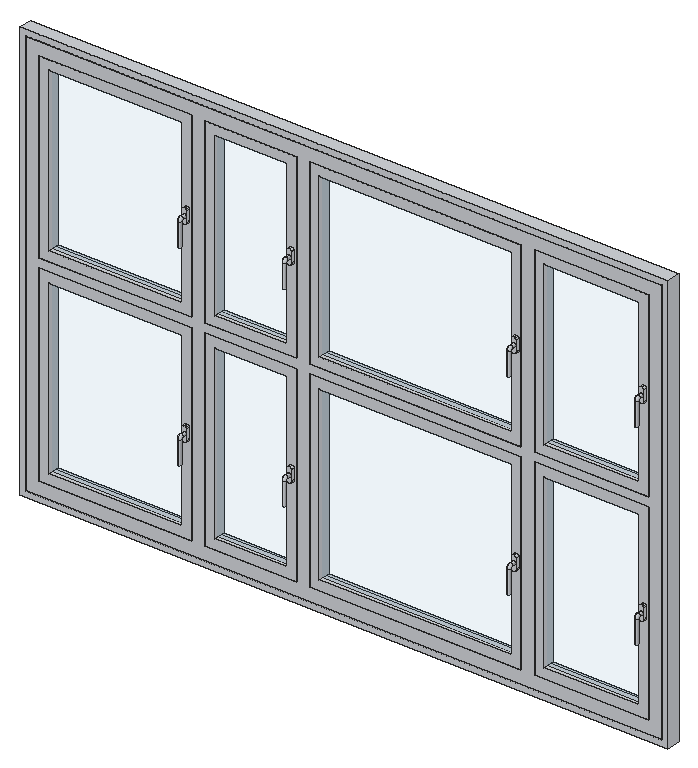
Revit family "AVLN_Окно_Фрамуга_4 створки", category Окна, Revit 2021
Family settings
  Основа = Стена
  Номер OmniClass = 23.30.20.00
  Заголовок OmniClass = Windows
  Всегда вертикально = Да
  При загрузке вырезать с полостями = Нет
  Общий = Нет
  Точка принадлежности помещению = Нет
Parameters (values of type "Для копирования!")
  Ширина рамы = 70 mm
  Ширина импоста = 50 mm
  Четверть слева/справа = 50 mm
  Четверть низ = 0 mm  # constant formula
  Четверть верх = 50 mm
  Фрамуга_снизу_высота = 1000 mm
  Низ право центр открывание = АВЛН_Створка открывная : Створка повороно-откидная левая
  Низ право открывание = АВЛН_Створка открывная : Створка повороно-откидная левая
  Низ лево центр открывание = АВЛН_Створка открывная : Створка повороно-откидная левая
  Низ лево открывание = АВЛН_Створка открывная : Створка повороно-откидная левая
  Створка_толщина = 25 mm  # constant formula
  Толщина основы [instance] = 200 mm
  Створка_право центр_ширина = Width - ((Монтажный зазор * 2) + (Ширина рамы * 5) + Створка_слева_ширина + Створка_справа_ширина + Створка_лево центр_ширина)  # 1110 mm
  Створка_справа_ширина = 600 mm
  Створка_слева_ширина = 800 mm
  Створка_профиль = 50 mm
  Створка_лево центр_ширина = 480 mm
  Створка_высота = Height - (Фрамуга_снизу_высота + (Ширина рамы * 2) + Ширина импоста + (Монтажный зазор * 2))  # 950 mm
  Верх право открывание = АВЛН_Створка открывная : Створка повороно-откидная левая
  Верх лево центр открывание = АВЛН_Створка открывная : Створка повороно-откидная левая
  Верх лево открывание = АВЛН_Створка открывная : Створка повороно-откидная левая
  Верх право центр открывание = АВЛН_Створка открывная : Створка повороно-откидная левая
  Rough Width = Width - Монтажный зазор * 2  # 3340 mm
  Rough Height = Height - Монтажный зазор * 2  # 2140 mm
  Подстановочный профиль_Ширина = 20 mm  # constant formula
  Подстановочный профиль_Толщина = 60 mm
  Подоконник_Толщина = 20 mm
  Подоконник_Длина = Width  # 3400 mm
  Подоконник_Глубина = 280 mm
  Подоконник = no
  Глубина вставки = 0 mm
  Отлив_Толщина = 1 mm  # constant formula
  Отлив_Длина = Width - [Четверть слева/справа] * 2  # 3300 mm
  Отлив_Глубина = 280 mm
  Отлив = no
  Откос_Н.Ширина = Width - 2 * [Четверть слева/справа]  # 3300 mm
  Откос_Н.Толщина.8 = 32 mm
  Откос_Н.Толщина.7 = 28 mm
  Откос_Н.Толщина.6 = 24 mm
  Откос_Н.Толщина.5 = 20 mm
  Откос_Н.Толщина.4 = 16 mm
  Откос_Н.Толщина.3 = 12 mm
  Откос_Н.Толщина.2 = 8 mm
  Откос_Н.Толщина.1 = 4 mm
  Откос_Н.Отступ_П = 0 mm  # constant formula
  Откос_Н.Отступ_Л = 0 mm  # constant formula
  Откос_Н.Количество слоев = 0
  Откос_Н.Глубина = 150 mm
  Откос_Н.Высота = Height - Четверть верх - Четверть низ  # 2150 mm
  Откос_В.Толщина.8 = 32 mm
  Откос_В.Толщина.7 = 28 mm
  Откос_В.Толщина.6 = 24 mm
  Откос_В.Толщина.5 = 20 mm
  Откос_В.Толщина.4 = 16 mm
  Откос_В.Толщина.3 = 12 mm
  Откос_В.Толщина.2 = 8 mm
  Откос_В.Толщина.1 = 4 mm
  Откос_В.Отступ_П [instance] = Монтажный зазор + Подоконник_Толщина  # 50 mm
  Откос_В.Отступ_Л [instance] = Монтажный зазор + Подоконник_Толщина  # 50 mm
  Откос_В.Количество слоев = 0
  Откос_В.Глубина [instance] = Толщина основы - Глубина вставки - Ширина рамы  # 130 mm
  Монтажный зазор = 30 mm
  М.Подоконник = none
  М.Отлив = none
  М.Откос_Н.8 = none
  М.Откос_Н.7 = none
  М.Откос_Н.6 = none
  М.Откос_Н.5 = none
  М.Откос_Н.4 = none
  М.Откос_Н.3 = none
  М.Откос_Н.2 = none
  М.Откос_Н.1 = none
  М.Откос_В.8 = none
  М.Откос_В.7 = none
  М.Откос_В.6 = none
  М.Откос_В.5 = none
  М.Откос_В.4 = none
  М.Откос_В.3 = none
  М.Откос_В.2 = none
  М.Откос_В.1 = none
  М.Монтажного зазора = none
  М.Стекла = Стекло
  М.Рамы = none
  М.Подоконный профиль = none
  Type Comments = ""
  Height = 2200 mm
  Высота подоконника по умолчанию = 800 mm
  Замыкание стены = По основе
  Width = 3400 mm
  Аналитическая конструкция = "<Нет>"
  АВЛН_Проем_Ширина [instance] = Width  # 3400 mm
  АВЛН_Проем_Высота [instance] = Height  # 2200 mm
  ADSK_Этаж [instance] = ""
  ADSK_Размер_Ширина = Width  # 3400 mm
  ADSK_Размер_Высота = Height  # 2200 mm
  ADSK_Примечание [instance] = ""
  ADSK_Площадь = Height * Width  # 7.48 m²
  ADSK_Обозначение = ""
  ADSK_Номер секции [instance] = ""
  ADSK_Наименование = ""
  ADSK_Марка = ""
  ADSK_Группирование = ""
  -----------Разрезка----------- = "-----------"  # constant formula
  -----------Профили----------- = "-----------"  # constant formula
  -----------Подоконник----------- = "-----------"  # constant formula
  -----------Отлив----------- = "-----------"  # constant formula
  -----------Откос----------- = "-----------"  # constant formula
  -----------Основные габариты----------- = "-----------"  # constant formula
  -----------Вставка----------- = "-----------"  # constant formula
Reference planes
  plane 1 "По центру (Вперед/Назад)": y = 0
  plane 2 "По центру (Влево/Вправо)": x = 0
  plane 3 "Слева": x = -1700
  plane 4 "Справа": x = 1700
  plane 5 "Подоконник": z = 800
  plane 6 "Заголовок": z = 3000
  plane 7 "Наружный": y = 100
  plane 8 "Внутренние": y = -100
  plane 9 "Окно": y = 100
  plane 10: x = 1670
  plane 11: z = 2970
  plane 12: x = -1670
  plane 13: z = 830
  plane 14: x = 1650
  plane 15: x = -1650
  plane 16: z = 1900
  plane 17: y = 600
  plane 18: y = -400
  plane 19: z = 2950
  plane 20 "Чет. низ": z = 800
  plane 21 "Внутренняя грань": y = 30
  plane 22: y = 80
  plane 23 "Импост верх": z = 1950
  plane 24 "Импост низ": z = 1900
  plane 25: z = 900
  plane 26: z = 2900
  plane 27: x = -1600
  plane 28: x = 1600
  plane 29 "4": z = 1925
  plane 30 "5": x = -800
  plane 31 "6": x = -730
  plane 32 "7": x = 930
  plane 33 "8": x = 1000
  plane 34 "9": x = -215
  plane 35 "10": x = 1300
  plane 36 "11": x = -1200
  plane 37 "12": z = 2425
  plane 38 "13": x = -490
  plane 39 "14": x = 375
  plane 40 "15": x = -250
  plane 41 "16": x = -180
  plane 42: z = 1400
Forms (mm)
  Extrusion 1, void
    sketch origin (0, 100, 0) x (1, 0, 0) y (0, 0, 1)
      loop
        line (1650, 2950) -> (-1650, 2950) -> (-1650, 800) -> (1650, 800) -> (1650, 2950)
    from -500 to 20
  Extrusion 2, void
    sketch origin (0, 100, 0) x (1, 0, 0) y (0, 0, 1)
      loop
        line (1700, 3000) -> (-1700, 3000) -> (-1700, 800) -> (1700, 800) -> (1700, 3000)
    from 0 to 500
  Extrusion 3, solid, material <- "М.Монтажного зазора", detail levels medium+fine
    sketch origin (0, 100, 0) x (1, 0, 0) y (0, 0, 1)
      loop
        line (1700, 3000) -> (-1700, 3000) -> (-1700, 800) -> (1700, 800) -> (1700, 3000)
      loop
        line (-1670, 2970) -> (-1670, 830) -> (1670, 830) -> (1670, 2970) -> (-1670, 2970)
    from 0 to 70
  Extrusion 4, solid, material <- "М.Рамы", detail levels medium+fine
    sketch origin (0, 100, 0) x (-1, 0, 0) y (0, 0, 1)
      loop
        line (-1670, 2970) -> (-1670, 830) -> (1670, 830) -> (1670, 2970) -> (-1670, 2970)
      loop
        line (730, 900) -> (730, 1900) -> (250, 1900) -> (250, 900) -> (730, 900)
      loop
        line (-930, 900) -> (180, 900) -> (180, 1900) -> (-930, 1900) -> (-930, 900)
      loop
        line (-1000, 2900) -> (-1600, 2900) -> (-1600, 1950) -> (-1000, 1950) -> (-1000, 2900)
      loop
        line (-1000, 900) -> (-1000, 1900) -> (-1600, 1900) -> (-1600, 900) -> (-1000, 900)
      loop
        line (730, 1950) -> (730, 2900) -> (250, 2900) -> (250, 1950) -> (730, 1950)
      loop
        line (-930, 1950) -> (180, 1950) -> (180, 2900) -> (-930, 2900) -> (-930, 1950)
      loop
        line (800, 2900) -> (800, 1950) -> (1600, 1950) -> (1600, 2900) -> (800, 2900)
      loop
        line (800, 1900) -> (800, 900) -> (1600, 900) -> (1600, 1900) -> (800, 1900)
    from -70 to 0
Lines and regions (mm)
  reference lines
    curve 1: line (-1700, -100, 1925) -> (1700, -100, 1925)
    curve 2: line (-765, -100, 3000) -> (-765, -100, 800)
    curve 3: line (965, -100, 3000) -> (965, -100, 800)
    curve 4: line (-215, -100, 3000) -> (-215, -100, 800)
Text (mm)
  text "EXTERIOR" at (-1963.203, 1332.353, 0), in view "Опорный уровень"
  text "INTERIOR" at (-1981.466, -818.386, 0), in view "Опорный уровень"
  text "Наружный" at (0, 923.751, 2943.296), in view "Справа"
  text "Наружный" at (0, 1240.237, 2685.409), in view "Слева"
Dimensions and locks
  equal spacing: plane 3 "Слева", plane 2 "По центру (Влево/Вправо)", plane 4 "Справа"
  "Width": plane 3 "Слева" to plane 4 "Справа"
  "Height": plane 5 "Подоконник" to plane 6 "Заголовок"
  "Высота подоконника по умолчанию": plane 5 "Подоконник" to level
  locked: plane 7 "Наружный" to host wall at 0
  locked: plane 8 "Внутренние" to host wall
  "Глубина вставки": plane 9 "Окно" to plane 7 "Наружный"
  "Монтажный зазор": plane 10 to plane 4 "Справа"
  "Монтажный зазор": plane 3 "Слева" to plane 12
  "Монтажный зазор": plane 11 to plane 6 "Заголовок"
  "Монтажный зазор": plane 5 "Подоконник" to plane 13
  "Четверть слева/справа": plane 14 to plane 4 "Справа"
  "Четверть слева/справа": plane 3 "Слева" to plane 15
  equal spacing: plane 5 "Подоконник", plane 16, plane 6 "Заголовок"
  locked: plane 7 "Наружный" to plane 17 at 500
  locked: plane 18 to plane 8 "Внутренние" at 300
  "Четверть верх": plane 19 to plane 6 "Заголовок"
  "Четверть низ": plane 5 "Подоконник" to plane 20 "Чет. низ"
  "Ширина рамы": plane 9 "Окно" to plane 21 "Внутренняя грань"
  "Толщина основы": host wall to host wall
  locked: plane 22 to plane 21 "Внутренняя грань" at 50
  "Ширина импоста": plane 24 "Импост низ" to plane 23 "Импост верх"
  "Ширина рамы": plane 28 to plane 10
  "Ширина рамы": plane 12 to plane 27
  "Ширина рамы": plane 13 to plane 25
  "Ширина рамы": plane 26 to plane 11
  plane 23 "Импост верх" to plane 26 = 950 mm
  "Фрамуга_снизу_высота": plane 25 to plane 24 "Импост низ"
  equal spacing: plane 23 "Импост верх", plane 29 "4", plane 24 "Импост низ"
  "Створка_слева_ширина": plane 27 to plane 30 "5"
  "Ширина рамы": plane 30 "5" to plane 31 "6"
  "Ширина рамы": plane 32 "7" to plane 33 "8"
  "Створка_справа_ширина": plane 33 "8" to plane 28
  equal spacing: plane 32 "7", curve 3, plane 33 "8"
  equal spacing: plane 30 "5", curve 2, plane 31 "6"
  equal spacing: plane 33 "8", plane 35 "10", plane 28
  equal spacing: plane 27, plane 36 "11", plane 30 "5"
  equal spacing: plane 26, plane 37 "12", plane 23 "Импост верх"
  equal spacing: plane 40 "15", plane 34 "9", plane 41 "16"
  "Ширина рамы": plane 40 "15" to plane 41 "16"
  equal spacing: plane 31 "6", plane 38 "13", plane 40 "15"
  equal spacing: plane 41 "16", plane 39 "14", plane 32 "7"
  "Створка_лево центр_ширина": plane 31 "6" to plane 40 "15"
  equal spacing: plane 24 "Импост низ", plane 42, plane 25
  aligned and locked: Extrusion 1 sketch curve to plane 14
  aligned and locked: Extrusion 1 sketch curve to plane 15
  aligned and locked: Extrusion 1 to plane 17
  aligned and locked: Extrusion 2 sketch curve to plane 6 "Заголовок"
  aligned and locked: Extrusion 2 sketch curve to plane 4 "Справа"
  aligned and locked: plane 5 "Подоконник" to Extrusion 2 sketch curve
  aligned and locked: plane 3 "Слева" to Extrusion 2 sketch curve
  aligned and locked: Extrusion 2 to plane 9 "Окно"
  aligned and locked: Extrusion 2 to plane 18
  aligned and locked: Extrusion 1 sketch curve to plane 19
  aligned and locked: Extrusion 1 sketch curve to plane 20 "Чет. низ"
  aligned and locked: plane 9 "Окно" to nested 1
  aligned and locked: plane 2 "По центру (Влево/Вправо)" to nested 1
  aligned and locked: nested 2 to plane 21 "Внутренняя грань"
  aligned and locked: nested 2 to plane 2 "По центру (Влево/Вправо)"
  aligned and locked: nested 3 to plane 2 "По центру (Влево/Вправо)"
  aligned and locked: plane 8 "Внутренние" to nested 3
  aligned and locked: nested 4 to plane 9 "Окно"
  aligned and locked: Extrusion 3 sketch curve to plane 6 "Заголовок"
  aligned and locked: Extrusion 3 sketch curve to plane 4 "Справа"
  aligned and locked: Extrusion 3 sketch curve to nested 2  (x2)
  aligned and locked: Extrusion 3 sketch curve to plane 11
  aligned and locked: Extrusion 3 sketch curve to plane 12
  aligned and locked: Extrusion 3 sketch curve to plane 13
  aligned and locked: Extrusion 3 sketch curve to plane 10
  aligned and locked: Extrusion 3 to nested 2
  aligned and locked: nested 4 to plane 20 "Чет. низ"
  aligned and locked: nested 4 to plane 2 "По центру (Влево/Вправо)"
  aligned and locked: Extrusion 3 to plane 9 "Окно"
  aligned and locked: Extrusion 4 to plane 21 "Внутренняя грань"
  aligned and locked: Extrusion 4 to plane 9 "Окно"
  aligned and locked: Extrusion 1 to plane 22
  aligned and locked: curve 1 to plane 29 "4"
  aligned and locked: plane 3 "Слева" to curve 1
  aligned and locked: plane 4 "Справа" to curve 1
  aligned and locked: plane 6 "Заголовок" to curve 2
  aligned and locked: plane 6 "Заголовок" to curve 3
  aligned and locked: plane 5 "Подоконник" to curve 3
  aligned and locked: plane 5 "Подоконник" to curve 2
  aligned and locked: plane 34 "9" to curve 4
  aligned and locked: plane 35 "10" to nested 6
  aligned and locked: nested 6 to plane 37 "12"
  aligned and locked: plane 39 "14" to nested 8
  aligned and locked: plane 37 "12" to nested 8
  aligned and locked: plane 37 "12" to nested 7
  aligned and locked: plane 37 "12" to nested 5
  aligned and locked: plane 36 "11" to nested 5
  aligned and locked: plane 38 "13" to nested 7
  aligned and locked: plane 42 to nested 9
  aligned and locked: plane 36 "11" to nested 9
  aligned and locked: plane 42 to nested 10
  aligned and locked: plane 38 "13" to nested 10
  aligned and locked: plane 42 to nested 11
  aligned and locked: plane 39 "14" to nested 11
  aligned and locked: nested 12 to plane 42
  aligned and locked: plane 35 "10" to nested 12
  aligned and locked: Extrusion 4 sketch curve to plane 10
  aligned and locked: Extrusion 4 sketch curve to plane 13
  aligned and locked: Extrusion 4 sketch curve to plane 12
  aligned and locked: Extrusion 4 sketch curve to plane 11
  aligned and locked: Extrusion 4 sketch curve to plane 25  (x2)
  aligned and locked: plane 25 to Extrusion 4 sketch curve  (x2)
  aligned and locked: plane 24 "Импост низ" to Extrusion 4 sketch curve  (x3)
  aligned and locked: plane 23 "Импост верх" to Extrusion 4 sketch curve  (x3)
  aligned and locked: plane 26 to Extrusion 4 sketch curve  (x3)
  aligned and locked: Extrusion 4 sketch curve to plane 26
  aligned and locked: Extrusion 4 sketch curve to plane 28  (x2)
  aligned and locked: plane 33 "8" to Extrusion 4 sketch curve  (x2)
  aligned and locked: plane 32 "7" to Extrusion 4 sketch curve  (x2)
  aligned and locked: Extrusion 4 sketch curve to plane 41 "16"
  aligned and locked: plane 41 "16" to Extrusion 4 sketch curve
  aligned and locked: Extrusion 4 sketch curve to plane 40 "15"  (x2)
  aligned and locked: plane 31 "6" to Extrusion 4 sketch curve  (x2)
  aligned and locked: plane 30 "5" to Extrusion 4 sketch curve  (x2)
  aligned and locked: Extrusion 4 sketch curve to plane 23 "Импост верх"
  aligned and locked: Extrusion 4 sketch curve to plane 24 "Импост низ"
  aligned and locked: Extrusion 4 sketch curve to plane 27  (x2)
  aligned and locked: plane 2 "По центру (Влево/Вправо)" to nested 13
  aligned and locked: nested 13 to plane 29 "4"
Automatic sketch dimensions
  curve 4 to plane 6 "Заголовок" = 0 mm
  curve 4 to plane 5 "Подоконник" = 0 mm
Nested families
  nested 1: "Отлив" at (0, 100, 800) x (-1, 0, 0) z (0, 0, 1), Глубина отлива <- "Отлив_Глубина", Длина отлива <- "Отлив_Длина", ТО <- "Отлив_Толщина", Ш_МЗЗ <- "Монтажный зазор", Ш_ПП <- "Подстановочный профиль_Ширина", ADSK_Группирование <- "ADSK_Группирование", ADSK_Номер секции <- "ADSK_Номер секции", ADSK_Этаж <- "ADSK_Этаж", visible <- "Отлив", М <- "М.Отлив", type "Отлив", detail levels fine
    with Ш_ПП 20 mm, Ш_МЗЗ 30 mm, ТО 1 mm, М none, Длина отлива 3300 mm, Глубина отлива 280 mm, ADSK_Этаж "", ADSK_Примечание "", ADSK_Обозначение "", ADSK_Номер секции "", ADSK_Наименование "", ADSK_Марка "", ADSK_Группирование ""
  nested 2: "Подоконник" at (0, 30, 800), Глубина подоконника <- "Подоконник_Глубина", Длина отлива <- "Подоконник_Длина", ТП <- "Подоконник_Толщина", Ш_МЗЗ <- "Монтажный зазор", Ш_ПП <- "Подстановочный профиль_Ширина", ADSK_Группирование <- "ADSK_Группирование", ADSK_Номер секции <- "ADSK_Номер секции", ADSK_Этаж <- "ADSK_Этаж", visible <- "Подоконник", М <- "М.Подоконник", type "Подоконник", detail levels fine
    with Ш_ПП 20 mm, Ш_МЗЗ 30 mm, ТП 20 mm, М none, Длина отлива 3400 mm, Глубина подоконника 280 mm, ADSK_Этаж "", ADSK_Примечание "", ADSK_Обозначение "", ADSK_Номер секции "", ADSK_Наименование "", ADSK_Марка "", ADSK_Группирование ""
  nested 3: "AVLN_Откосы_R19" at (0, -100, 0), Глубина <- "Откос_В.Глубина", Высота от уровня <- "Высота подоконника по умолчанию", ADSK_Группирование <- "Type Comments", ADSK_Этаж <- "ADSK_Этаж", ADSK_Номер секции <- "ADSK_Номер секции", Материал_1 <- "М.Откос_В.1", Материал_2 <- "М.Откос_В.2", Материал_3 <- "М.Откос_В.3", Материал_4 <- "М.Откос_В.4", Материал_5 <- "М.Откос_В.5", Материал_6 <- "М.Откос_В.6", Материал_7 <- "М.Откос_В.7", Материал_8 <- "М.Откос_В.8", Толщина_1 <- "Откос_В.Толщина.1", Толщина_2 <- "Откос_В.Толщина.2", Толщина_3 <- "Откос_В.Толщина.3", Толщина_4 <- "Откос_В.Толщина.4", Толщина_5 <- "Откос_В.Толщина.5", Толщина_6 <- "Откос_В.Толщина.6", Толщина_7 <- "Откос_В.Толщина.7", Толщина_8 <- "Откос_В.Толщина.8", Количество слоев <- "Откос_В.Количество слоев", Отступ_Л <- "Откос_В.Отступ_Л", Отступ_П <- "Откос_В.Отступ_П", Высота <- "Height", Ширина <- "Width", type "AVLN_Откосы_R19"
    with Ширина_8 3176 mm, Ширина_7 3232 mm, Ширина_6 3280 mm, Ширина_5 3320 mm, Ширина_4 3352 mm, Ширина_3 3376 mm, Ширина_2 3392 mm, Ширина 3400 mm, Толщина_8 32 mm, Толщина_7 28 mm, Толщина_6 24 mm, Толщина_5 20 mm, Толщина_4 16 mm, Толщина_3 12 mm, Толщина_2 8 mm, Толщина_1 4 mm, Отступ_П 50 mm, Отступ_Л 50 mm, Материал_8 none, Материал_7 none, Материал_6 none, Материал_5 none, Материал_4 none, Материал_3 none, Материал_2 none, Материал_1 none, Количество слоев 0, Глубина 130 mm, Высота_8 2088 mm, Высота_7 2116 mm, Высота_6 2140 mm, Высота_5 2160 mm, Высота_4 2176 mm, Высота_3 2188 mm, Высота_2 2196 mm, Высота от уровня 800 mm, Высота 2200 mm, Видимость_8 no, Видимость_7 no, Видимость_6 no, Видимость_5 no, Видимость_4 no, Видимость_3 no, Видимость_2 no, Видимость_1 no, ADSK_Этаж "", ADSK_Номер секции "", ADSK_Группирование ""
  nested 4: "AVLN_Откосы_R19" at (0, 100, 0), Ширина <- "Откос_Н.Ширина", Глубина <- "Откос_Н.Глубина", Высота <- "Откос_Н.Высота", Высота от уровня <- "Высота подоконника по умолчанию", ADSK_Группирование <- "Type Comments", ADSK_Этаж <- "ADSK_Этаж", ADSK_Номер секции <- "ADSK_Номер секции", Материал_1 <- "М.Откос_Н.1", Материал_2 <- "М.Откос_Н.2", Материал_3 <- "М.Откос_Н.3", Материал_4 <- "М.Откос_Н.4", Материал_5 <- "М.Откос_Н.5", Материал_6 <- "М.Откос_Н.6", Материал_7 <- "М.Откос_Н.7", Материал_8 <- "М.Откос_Н.8", Толщина_1 <- "Откос_Н.Толщина.1", Толщина_2 <- "Откос_Н.Толщина.2", Толщина_3 <- "Откос_Н.Толщина.3", Толщина_4 <- "Откос_Н.Толщина.4", Толщина_5 <- "Откос_Н.Толщина.5", Толщина_6 <- "Откос_Н.Толщина.6", Толщина_7 <- "Откос_Н.Толщина.7", Толщина_8 <- "Откос_Н.Толщина.8", Количество слоев <- "Откос_Н.Количество слоев", Отступ_Л <- "Откос_Н.Отступ_Л", Отступ_П <- "Откос_Н.Отступ_П", type "AVLN_Откосы_R19"
    with Ширина_8 3076 mm, Ширина_7 3132 mm, Ширина_6 3180 mm, Ширина_5 3220 mm, Ширина_4 3252 mm, Ширина_3 3276 mm, Ширина_2 3292 mm, Ширина 3300 mm, Толщина_8 32 mm, Толщина_7 28 mm, Толщина_6 24 mm, Толщина_5 20 mm, Толщина_4 16 mm, Толщина_3 12 mm, Толщина_2 8 mm, Толщина_1 4 mm, Отступ_П 0 mm, Отступ_Л 0 mm, Материал_8 none, Материал_7 none, Материал_6 none, Материал_5 none, Материал_4 none, Материал_3 none, Материал_2 none, Материал_1 none, Количество слоев 0, Глубина 150 mm, Высота_8 2038 mm, Высота_7 2066 mm, Высота_6 2090 mm, Высота_5 2110 mm, Высота_4 2126 mm, Высота_3 2138 mm, Высота_2 2146 mm, Высота от уровня 800 mm, Высота 2150 mm, Видимость_8 no, Видимость_7 no, Видимость_6 no, Видимость_5 no, Видимость_4 no, Видимость_3 no, Видимость_2 no, Видимость_1 no, ADSK_Этаж "", ADSK_Номер секции "", ADSK_Группирование ""
  nested 5: "АВЛН_Створка открывная" at (-1200, 30, 2425) x (1, 0, 0) z (0, 1, 0), type <- "Верх лево открывание", Створка высота <- "Створка_высота", Створка ширина <- "Створка_слева_ширина", Ширина рамы <- "Створка_профиль", Материал_Стеклопакет <- "М.Стекла", Материал_Рама <- "М.Рамы", type "Створка повороно-откидная левая", detail levels medium+fine
    with Ширина рамы 50 mm, Створка ширина 800 mm, Створка высота 950 mm, Материал_Стеклопакет Стекло, Материал_Ручки ПВХ белый, Материал_Рама none, Width 800 mm, Height 950 mm
  nested 6: "АВЛН_Створка открывная" at (1300, 30, 2425) x (1, 0, 0) z (0, 1, 0), type <- "Верх право открывание", Створка высота <- "Створка_высота", Створка ширина <- "Створка_справа_ширина", Ширина рамы <- "Створка_профиль", Материал_Стеклопакет <- "М.Стекла", Материал_Рама <- "М.Рамы", type "Створка повороно-откидная левая", detail levels medium+fine
    with Ширина рамы 50 mm, Створка ширина 600 mm, Створка высота 950 mm, Материал_Стеклопакет Стекло, Материал_Ручки ПВХ белый, Материал_Рама none, Width 800 mm, Height 950 mm
  nested 7: "АВЛН_Створка открывная" at (-490, 30, 2425) x (1, 0, 0) z (0, 1, 0), Створка высота <- "Створка_высота", Створка ширина <- "Створка_лево центр_ширина", Ширина рамы <- "Створка_профиль", type <- "Верх лево центр открывание", Материал_Стеклопакет <- "М.Стекла", Материал_Рама <- "М.Рамы", type "Створка повороно-откидная левая", detail levels medium+fine
    with Ширина рамы 50 mm, Створка ширина 480 mm, Створка высота 950 mm, Материал_Стеклопакет Стекло, Материал_Ручки ПВХ белый, Материал_Рама none, Width 800 mm, Height 950 mm
  nested 8: "АВЛН_Створка открывная" at (375, 30, 2425) x (1, 0, 0) z (0, 1, 0), Створка высота <- "Створка_высота", Створка ширина <- "Створка_право центр_ширина", Ширина рамы <- "Створка_профиль", type <- "Верх право центр открывание", Материал_Стеклопакет <- "М.Стекла", Материал_Рама <- "М.Рамы", type "Створка повороно-откидная левая", detail levels medium+fine
    with Ширина рамы 50 mm, Створка ширина 1110 mm, Створка высота 950 mm, Материал_Стеклопакет Стекло, Материал_Ручки ПВХ белый, Материал_Рама none, Width 800 mm, Height 950 mm
  nested 9: "АВЛН_Створка открывная" at (-1200, 30, 1400) x (1, 0, 0) z (0, 1, 0), Створка высота <- "Фрамуга_снизу_высота", Створка ширина <- "Створка_слева_ширина", Ширина рамы <- "Створка_профиль", type <- "Низ лево открывание", Материал_Стеклопакет <- "М.Стекла", Материал_Рама <- "М.Рамы", type "Створка повороно-откидная левая", detail levels medium+fine
    with Ширина рамы 50 mm, Створка ширина 800 mm, Створка высота 1000 mm, Материал_Стеклопакет Стекло, Материал_Ручки ПВХ белый, Материал_Рама none, Width 800 mm, Height 950 mm
  nested 10: "АВЛН_Створка открывная" at (-490, 30, 1400) x (1, 0, 0) z (0, 1, 0), Створка высота <- "Фрамуга_снизу_высота", Створка ширина <- "Створка_лево центр_ширина", Ширина рамы <- "Створка_профиль", type <- "Низ лево центр открывание", Материал_Стеклопакет <- "М.Стекла", Материал_Рама <- "М.Рамы", type "Створка повороно-откидная левая", detail levels medium+fine
    with Ширина рамы 50 mm, Створка ширина 480 mm, Створка высота 1000 mm, Материал_Стеклопакет Стекло, Материал_Ручки ПВХ белый, Материал_Рама none, Width 800 mm, Height 950 mm
  nested 11: "АВЛН_Створка открывная" at (375, 30, 1400) x (1, 0, 0) z (0, 1, 0), Створка высота <- "Фрамуга_снизу_высота", Створка ширина <- "Створка_право центр_ширина", Ширина рамы <- "Створка_профиль", type <- "Низ право центр открывание", Материал_Стеклопакет <- "М.Стекла", Материал_Рама <- "М.Рамы", type "Створка повороно-откидная левая", detail levels medium+fine
    with Ширина рамы 50 mm, Створка ширина 1110 mm, Створка высота 1000 mm, Материал_Стеклопакет Стекло, Материал_Ручки ПВХ белый, Материал_Рама none, Width 800 mm, Height 950 mm
  nested 12: "АВЛН_Створка открывная" at (1300, 30, 1400) x (1, 0, 0) z (0, 1, 0), type <- "Низ право открывание", Створка высота <- "Фрамуга_снизу_высота", Створка ширина <- "Створка_справа_ширина", Ширина рамы <- "Створка_профиль", Материал_Стеклопакет <- "М.Стекла", Материал_Рама <- "М.Рамы", type "Створка повороно-откидная левая", detail levels medium+fine
    with Ширина рамы 50 mm, Створка ширина 600 mm, Створка высота 1000 mm, Материал_Стеклопакет Стекло, Материал_Ручки ПВХ белый, Материал_Рама none
  nested 13: "AVLN_Обозначение проема" at (0, 100, 1925) x (0, 0, -1) z (0, -1, 0), ADSK_Размер_Высота <- "АВЛН_Проем_Ширина", ADSK_Размер_Ширина <- "АВЛН_Проем_Высота", type "AVLN_Обозначение проема", detail levels coarse
    with ADSK_Размер_Ширина 2200 mm, ADSK_Размер_Высота 3400 mm
Definition of nested family "Отлив"
  Parameters (values of type "Отлив")
    Ш_ПП [instance] = 50 mm
    Ш_МЗЗ [instance] = 35 mm
    ТО [instance] = 1 mm
    Default Elevation = 1219.2 mm
    М [instance] = none
    Длина отлива [instance] = 1560 mm
    Глубина отлива [instance] = 280 mm
    ADSK_Этаж [instance] = ""
    ADSK_Примечание [instance] = ""
    ADSK_Обозначение [instance] = ""
    ADSK_Номер секции [instance] = ""
    ADSK_Наименование [instance] = ""
    ADSK_Марка [instance] = ""
    ADSK_Группирование [instance] = ""
  Reference planes
    plane 1 "По центру (Вперед/Назад)": y = 0
    plane 2: z = 0
    plane 3 "По центру (Влево/Вправо)": x = 0
    plane 4: y = -280
    plane 5: x = -780
    plane 6: x = 780
    plane 7: z = 35
    plane 8: z = 85
    plane 9: y = -1
    plane 10: y = -300
    plane 11: y = -301
    plane 12: z = -35
    plane 13: z = 34
  Forms (mm)
    Extrusion 1, solid, material <- "М"
      sketch origin (0, 0, 0) x (0, 1, 0) y (0, 0, 1)
        loop
          line (0, 85) -> (-1, 85) -> (-1, 34.893) -> (-301, 0.893) -> (-301, -35) -> (-300, -35) -> (-300, 0) -> (0, 34) -> (0, 85)
      from -780 to 780
  Dimensions and locks
    equal spacing: plane 5, plane 3 "По центру (Влево/Вправо)", plane 6
    "Длина отлива": plane 5 to plane 6
    "Глубина отлива": plane 4 to plane 1 "По центру (Вперед/Назад)"
    "Ш_МЗЗ": plane 7 to level
    "Ш_ПП": plane 8 to plane 7
    "ТО": plane 1 "По центру (Вперед/Назад)" to plane 9
    "ТО": plane 10 to plane 11
    locked: level to plane 12 at 35
    "ТО": plane 7 to plane 13
    "ТО": Extrusion 1 sketch curve to Extrusion 1 sketch curve
    locked: plane 4 to plane 10 at 20
    aligned and locked: level to plane 2
    aligned and locked: plane 8 to Extrusion 1 sketch curve
    aligned and locked: plane 9 to Extrusion 1 sketch curve
    aligned and locked: plane 11 to Extrusion 1 sketch curve
    aligned and locked: plane 12 to Extrusion 1 sketch curve
    aligned and locked: plane 1 "По центру (Вперед/Назад)" to Extrusion 1 sketch curve  (x2)
    aligned and locked: plane 13 to Extrusion 1 sketch curve
    aligned and locked: level to Extrusion 1 sketch curve
    aligned and locked: plane 10 to Extrusion 1 sketch curve
    aligned and locked: plane 6 to Extrusion 1
    aligned and locked: Extrusion 1 to plane 5
Definition of nested family "Подоконник"
  Parameters (values of type "Подоконник")
    Ш_ПП [instance] = 50 mm
    Ш_МЗЗ [instance] = 35 mm
    ТП [instance] = 20 mm
    Default Elevation = 1219.2 mm
    М [instance] = none
    Длина отлива [instance] = 1560 mm
    Глубина подоконника [instance] = 280 mm
    ADSK_Этаж [instance] = ""
    ADSK_Примечание [instance] = ""
    ADSK_Обозначение [instance] = ""
    ADSK_Номер секции [instance] = ""
    ADSK_Наименование [instance] = ""
    ADSK_Марка [instance] = ""
    ADSK_Группирование [instance] = ""
  Reference planes
    plane 1 "По центру (Вперед/Назад)": y = 0
    plane 2: z = 0
    plane 3 "По центру (Влево/Вправо)": x = 0
    plane 4: y = -280
    plane 5: x = -780
    plane 6: x = 780
    plane 7: z = 35
    plane 8: z = 85
    plane 9: y = -20
    plane 10: y = -290
    plane 11: y = -310
    plane 12: z = -35
    plane 13: z = 15
    plane 14: z = 65
  Forms (mm)
    Extrusion 1, solid, material <- "М"
      sketch origin (0, 0, 0) x (0, 1, 0) y (0, 0, 1)
        loop
          line (0, 85) -> (-310, 85) -> (-310, 0) -> (-290, 0) -> (-290, 65) -> (0, 65) -> (0, 85)
      from -780 to 780
  Dimensions and locks
    equal spacing: plane 5, plane 3 "По центру (Влево/Вправо)", plane 6
    "Длина отлива": plane 5 to plane 6
    "Глубина подоконника": plane 4 to plane 1 "По центру (Вперед/Назад)"
    "Ш_МЗЗ": plane 7 to level
    "Ш_ПП": plane 8 to plane 7
    "ТП": plane 1 "По центру (Вперед/Назад)" to plane 9
    "ТП": plane 10 to plane 11
    locked: level to plane 12 at 35
    "ТП": plane 7 to plane 13
    locked: plane 4 to plane 10 at 10
    "ТП": plane 8 to plane 14
    aligned and locked: level to plane 2
    aligned and locked: plane 8 to Extrusion 1 sketch curve
    aligned and locked: plane 1 "По центру (Вперед/Назад)" to Extrusion 1 sketch curve
    aligned and locked: plane 10 to Extrusion 1 sketch curve
    aligned and locked: plane 11 to Extrusion 1 sketch curve
    aligned and locked: level to Extrusion 1 sketch curve
    aligned and locked: plane 14 to Extrusion 1 sketch curve
    aligned and locked: Extrusion 1 to plane 5
    aligned and locked: plane 6 to Extrusion 1
Definition of nested family "АВЛН_Створка открывная"
  Parameters (values of type "Створка повороно-откидная правая")
    Ширина рамы [instance] = 50 mm
    Width = 600 mm
    Створка ширина [instance] = 800 mm
    Створка высота [instance] = 700 mm
    Материал_Стеклопакет [instance] = none
    Поворотная Правая = yes
    Поворотная Левая = no
    Default Elevation = 1219.2 mm
    Открываная = yes
    Откидная = yes
    Материал_Ручки [instance] = none
    Материал_Рама [instance] = none
    Левая = yes
    Глухое = no
    Height = 1150 mm
    Analytic Construction = "<Нет>"
  Types (6, lengths in mm): name | Поворотная Правая | Поворотная Левая | Открываная | Откидная | Глухое
    Створка повороно-откидная правая | yes | no | yes | yes | no
    Створка повороно-откидная левая | no | yes | yes | yes | no
    Створка глухая | no | no | no | no | yes
    Створка откидная | no | no | yes | yes | no
    Створка поворотная правая | yes | no | yes | no | no
    Створка поворотная левая | no | yes | yes | no | no
  Reference planes
    plane 1 "По центру (Вперед/Назад)": y = 0
    plane 2 "Внутрення грань": z = 0
    plane 3 "По центру (Влево/Вправо)": x = 0
    plane 4: y = 350
    plane 5: x = 400
    plane 6: y = -350
    plane 7: x = -400
    plane 8 "Наружняя грань": z = 60.433
    plane 9 "По центру Л/Р": z = 30.216
  Forms (mm)
    Extrusion 1, solid
      sketch origin (0, 0, 0) x (1, 0, 0) y (0, 1, 0)
        loop
          line (-1219.2, 1219.2) -> (-1219.2, -1219.2) -> (1219.2, -1219.2) -> (1219.2, 1219.2) -> (-1219.2, 1219.2)
      from 0 to -304.8
    Sweep 2, solid, material <- "Материал_Рама", visible <- "Открываная"
      path origin (0, 0, 0) x (1, 0, 0) y (0, 1, 0)
        loop
          line (400, 350) -> (-400, 350) -> (-400, -350) -> (400, -350) -> (400, 350)
      profile origin (0, 350, 0) x (0, -1, 0) y (0, 0, 1)
        loop
          line (0, 0) -> (50, 0) -> (50, 60.433) -> (0, 60.433) -> (0, 0)
    Extrusion 3, solid, material <- "Материал_Стеклопакет", visible <- "Открываная"
      sketch origin (0, 0, 0) x (1, 0, 0) y (0, 1, 0)
        loop
          line (-350, 300) -> (-350, -300) -> (350, -300) -> (350, 300) -> (-350, 300)
      from 17.481 to 42.952
    Extrusion 4, solid, material <- "Материал_Стеклопакет", visible <- "Глухое"
      sketch origin (0, 0, 0) x (1, 0, 0) y (0, 1, 0)
        loop
          line (-400, 350) -> (-400, -350) -> (400, -350) -> (400, 350) -> (-400, 350)
      from 17.481 to 42.952
  Lines and regions (mm)
    model lines, visible <- "Глухое", detail levels medium+fine
      curve 1: line (0, 50, 60.433) -> (0, -50, 60.433)
      curve 2: line (50, 0, 60.433) -> (-50, 0, 60.433)
      curve 17: line (0, 50, 0) -> (0, -50, 0)
      curve 18: line (50, 0, 0) -> (-50, 0, 0)
    model lines, visible <- "Глухое", not visible, detail levels medium+fine
      curve 3: line (60, 38.001, 60.433) -> (60, -61.999, 60.433)
      curve 4: line (110, -11.999, 60.433) -> (10, -11.999, 60.433)
    model lines, visible <- "Поворотная Правая", detail levels medium+fine
      curve 5: line (400, 350, 0) -> (-400, 0, 0)
      curve 6: line (400, -350, 0) -> (-400, 0, 0)
      curve 13: line (400, 350, 60.433) -> (-400, 0, 60.433)
      curve 14: line (400, -350, 60.433) -> (-400, 0, 60.433)
    model lines, visible <- "Откидная", detail levels medium+fine
      curve 7: line (-400, -350, 0) -> (0, 350, 0)
      curve 8: line (0, 350, 0) -> (400, -350, 0)
      curve 15: line (-400, -350, 60.433) -> (0, 350, 60.433)
      curve 16: line (0, 350, 60.433) -> (400, -350, 60.433)
    model lines, visible <- "Поворотная Левая", detail levels medium+fine
      curve 9: line (-400, 350, 0) -> (400, 0, 0)
      curve 10: line (-400, -350, 0) -> (400, 0, 0)
      curve 11: line (-400, 350, 60.433) -> (400, 0, 60.433)
      curve 12: line (-400, -350, 60.433) -> (400, 0, 60.433)
  Dimensions and locks
    "Створка высота": plane 4 to plane 6
    "Створка ширина": plane 7 to plane 5
    equal spacing: plane 7, plane 3 "По центру (Влево/Вправо)", plane 5
    equal spacing: plane 6, plane 1 "По центру (Вперед/Назад)", plane 4
    plane 2 "Внутрення грань" to plane 8 "Наружняя грань" = 60.433 mm
    level to Extrusion 4 = 42.952 mm
    plane 8 "Наружняя грань" to level = 60.433 mm
    equal spacing: Extrusion 3, plane 9 "По центру Л/Р", Extrusion 3
    equal spacing: plane 8 "Наружняя грань", plane 9 "По центру Л/Р", level
    Extrusion 3 to Extrusion 3 = 25.471 mm
    "Ширина рамы": profile plane to Sweep 2 sketch curve
    equal spacing: Extrusion 4, plane 9 "По центру Л/Р", Extrusion 4, locked at 12.735 each
    locked: Extrusion 4 to Extrusion 4 at 25.471
    equal spacing: Sweep 2, nested 1, Sweep 2
    equal spacing: Sweep 2, nested 2, Sweep 2
    aligned and locked: plane 2 "Внутрення грань" to Extrusion 1
    aligned and locked: level to Extrusion 1
    aligned and locked: plane 4 to Sweep 2 sketch curve
    aligned and locked: plane 5 to Sweep 2 sketch curve
    aligned and locked: plane 6 to Sweep 2 sketch curve
    aligned and locked: Sweep 2 sketch curve to plane 7
    aligned and locked: Extrusion 3 sketch curve to Sweep 2  (x4)
    aligned and locked: Extrusion 4 sketch curve to Sweep 2  (x3)
    aligned and locked: Extrusion 4 sketch curve to plane 5
    aligned and locked: Sweep 2 sketch curve to plane 8 "Наружняя грань"
    aligned and locked: plane 6 to Extrusion 4
    aligned and locked: plane 4 to Extrusion 4
    aligned and locked: curve 2 to plane 1 "По центру (Вперед/Назад)"
    aligned and locked: curve 1 to plane 3 "По центру (Влево/Вправо)"
    aligned and locked: curve 18 to plane 1 "По центру (Вперед/Назад)"
    aligned and locked: curve 17 to plane 3 "По центру (Влево/Вправо)"
    aligned and locked: nested 2 to plane 1 "По центру (Вперед/Назад)"
    aligned and locked: nested 1 to plane 1 "По центру (Вперед/Назад)"
  Automatic sketch dimensions
    Extrusion 1 sketch curve to Extrusion 1 sketch curve = 2438.4 mm  (x2)
    plane 1 "По центру (Вперед/Назад)" to curve 5 = 0 mm
    curve 5 to plane 7 = 0 mm
    curve 9 to plane 4 = 0 mm
    curve 9 to plane 7 = 0 mm
    plane 6 to curve 7 = 0 mm
    curve 7 to plane 7 = 0 mm
    curve 7 to plane 3 "По центру (Влево/Вправо)" = 0 mm
    curve 6 to plane 5 = 0 mm
    plane 1 "По центру (Вперед/Назад)" to curve 9 = 0 mm
    curve 9 to plane 5 = 0 mm
    curve 5 to plane 4 = 0 mm
    curve 5 to plane 5 = 0 mm
    plane 6 to curve 8 = 0 mm
    curve 8 to plane 4 = 0 mm
    curve 11 to plane 4 = 0 mm
    curve 11 to plane 7 = 0 mm
    plane 6 to curve 15 = 0 mm
    curve 15 to plane 7 = 0 mm
    plane 1 "По центру (Вперед/Назад)" to curve 14 = 0 mm
    curve 14 to plane 7 = 0 mm
    curve 15 to plane 3 "По центру (Влево/Вправо)" = 0 mm
    plane 1 "По центру (Вперед/Назад)" to curve 11 = 0 mm
    curve 11 to plane 5 = 0 mm
    curve 14 to plane 5 = 0 mm
    curve 13 to plane 4 = 0 mm
    curve 13 to plane 5 = 0 mm
    plane 6 to curve 14 = 0 mm
    curve 15 to plane 4 = 0 mm
    plane 1 "По центру (Вперед/Назад)" to curve 2 = 0 mm
    curve 1 to plane 3 "По центру (Влево/Вправо)" = 0 mm
    curve 2 to plane 3 "По центру (Влево/Вправо)" = 50 mm
    plane 3 "По центру (Влево/Вправо)" to curve 2 = 50 mm
    plane 1 "По центру (Вперед/Назад)" to curve 1 = 50 mm
    curve 1 to plane 1 "По центру (Вперед/Назад)" = 50 mm
    curve 18 to curve 17 = 50 mm
    curve 17 to curve 18 = 50 mm
    plane 1 "По центру (Вперед/Назад)" to curve 17 = 50 mm
    curve 17 to plane 1 "По центру (Вперед/Назад)" = 50 mm
    Sweep 2 sketch curve to level = 0 mm
    Sweep 2 sketch curve to profile plane = 0 mm
  Nested families
    nested 1: "АВЛН_Ручка" at (375, 1040, 0) x (1, 0, 0) z (0, -1, 0), visible <- "Поворотная Левая", Материал дверной ручки <- "Материал_Рама", type "АВЛН_Ручка", detail levels fine
      with Материал дверной ручки none, Высота расположения дверной ручки 1040 mm
    nested 2: "АВЛН_Ручка" at (-375, 1040, 0) x (1, 0, 0) z (0, -1, 0), visible <- "Поворотная Правая", Материал дверной ручки <- "Материал_Рама", type "АВЛН_Ручка", detail levels fine
      with Материал дверной ручки none, Высота расположения дверной ручки 1040 mm
  Definition of nested family "АВЛН_Ручка"
    Parameters (values of type "АВЛН_Ручка")
      Default Elevation = 1219.2 mm
      Материал дверной ручки [instance] = none
      Высота расположения дверной ручки [instance] = 1040 mm
      Analytic Construction = "<Нет>"
      b = 25 mm
      a = 75 mm
    Reference planes
      plane 1 "По центру (Вперед/Назад)": y = 0
      plane 2: z = 0
      plane 3 "По центру (Влево/Вправо)": x = 0
      plane 4: z = 1040
      plane 5: x = 12.5
      plane 6: x = -12.5
      plane 7: z = 1002.5
      plane 8: z = 1077.5
      plane 9: y = -15
    Forms (mm)
      Extrusion 1, solid, material <- "Материал дверной ручки"
        sketch origin (0, 0, 2080) x (-1, 0, 0) y (0, 0, -1)
          loop
            arc (-2.5, 1077.5) -> (-9.571, 1074.571) -> (-12.5, 1067.5) r 10
            line (-12.5, 1067.5) -> (-12.5, 1012.5)
            arc (-12.5, 1012.5) -> (-9.571, 1005.429) -> (-2.5, 1002.5) r 10
            line (-2.5, 1002.5) -> (2.5, 1002.5)
            arc (2.5, 1002.5) -> (9.571, 1005.429) -> (12.5, 1012.5) r 10
            line (12.5, 1012.5) -> (12.5, 1067.5)
            arc (12.5, 1067.5) -> (9.571, 1074.571) -> (2.5, 1077.5) r 10
            line (2.5, 1077.5) -> (-2.5, 1077.5)
        from 0 to 15
      Sweep 2, solid, material <- "Материал дверной ручки"
        path origin (-1040, 0, 1040) x (0, 0, -1) y (0, 1, 0)
          loop
            line (0, -15) -> (0, -38.261)
            arc (0, -38.261) -> (-2.929, -45.332) -> (-10, -48.261) r 10
            line (-10, -48.261) -> (-130, -48.261)
        profile origin (-1040, -26.63, 1040) x (0, 0, -1) y (1, 0, 0)
          loop
            circle (0, 1040) r 8
    Dimensions and locks
      "Высота расположения дверной ручки": plane 4 to level
      "a": plane 7 to plane 8
      "b": plane 6 to plane 5
      plane 6 to plane 5 = 25 mm
      locked: plane 1 "По центру (Вперед/Назад)" to plane 9 at 15
      plane 7 to plane 8 = 75 mm
      aligned and locked: level to plane 2
      aligned and locked: Extrusion 1 sketch curve to plane 7
      aligned and locked: plane 5 to Extrusion 1 sketch curve
      aligned and locked: plane 8 to Extrusion 1 sketch curve
      aligned and locked: Extrusion 1 sketch curve to plane 6
      aligned and locked: Extrusion 1 to plane 1 "По центру (Вперед/Назад)"
    Automatic sketch dimensions
      Sweep 2 sketch curve to plane 9 = 0 mm
      plane 4 to Sweep 2 sketch curve = 10 mm
      plane 9 to Sweep 2 sketch curve = 23.261 mm
      Sweep 2 sketch curve to Sweep 2 sketch curve = 120 mm
      Sweep 2 sketch curve to profile plane = 0 mm
      profile plane to Sweep 2 sketch curve = 1040 mm
      Sweep 2 sketch curve to plane 4 = 0 mm
      plane 3 "По центру (Влево/Вправо)" to Extrusion 1 sketch curve = 2.5 mm  (x2)
      Extrusion 1 sketch curve to plane 3 "По центру (Влево/Вправо)" = 2.5 mm  (x2)
      radius of Sweep 2 sketch curve = 8 mm
Definition of nested family "AVLN_Откосы_R19"
  Parameters (values of type "AVLN_Откосы_R19")
    Ширина_8 [instance] = Ширина_7 - Толщина_7 * 2  # 776 mm
    Ширина_7 [instance] = Ширина_6 - Толщина_6 * 2  # 832 mm
    Ширина_6 [instance] = Ширина_5 - Толщина_5 * 2  # 880 mm
    Ширина_5 [instance] = Ширина_4 - Толщина_4 * 2  # 920 mm
    Ширина_4 [instance] = Ширина_3 - Толщина_3 * 2  # 952 mm
    Ширина_3 [instance] = Ширина_2 - Толщина_2 * 2  # 976 mm
    Ширина_2 [instance] = Ширина - Толщина_1 * 2  # 992 mm
    Ширина [instance] = 1000 mm
    Толщина_8 [instance] = 32 mm
    Толщина_7 [instance] = 28 mm
    Толщина_6 [instance] = 24 mm
    Толщина_5 [instance] = 20 mm
    Толщина_4 [instance] = 16 mm
    Толщина_3 [instance] = 12 mm
    Толщина_2 [instance] = 8 mm
    Толщина_1 [instance] = 4 mm
    Отступ_П [instance] = 0 mm
    Отступ_Л [instance] = 0 mm
    Default Elevation = 1219.2 mm
    Материал_8 [instance] = none
    Материал_7 [instance] = none
    Материал_6 [instance] = none
    Материал_5 [instance] = none
    Материал_4 [instance] = none
    Материал_3 [instance] = none
    Материал_2 [instance] = none
    Материал_1 [instance] = none
    Type Comments = ""
    Количество слоев [instance] = 8
    Глубина [instance] = 200 mm
    Высота_8 [instance] = Высота_7 - Толщина_7  # 1388 mm
    Высота_7 [instance] = Высота_6 - Толщина_6  # 1416 mm
    Высота_6 [instance] = Высота_5 - Толщина_5  # 1440 mm
    Высота_5 [instance] = Высота_4 - Толщина_4  # 1460 mm
    Высота_4 [instance] = Высота_3 - Толщина_3  # 1476 mm
    Высота_3 [instance] = Высота_2 - Толщина_2  # 1488 mm
    Высота_2 [instance] = Высота - Толщина_1  # 1496 mm
    Высота от уровня [instance] = 377.189 mm
    Высота [instance] = 1500 mm
    Видимость_8 [instance] = Количество слоев > 7  # yes
    Видимость_7 [instance] = Количество слоев > 6  # yes
    Видимость_6 [instance] = Количество слоев > 5  # yes
    Видимость_5 [instance] = Количество слоев > 4  # yes
    Видимость_4 [instance] = Количество слоев > 3  # yes
    Видимость_3 [instance] = Количество слоев > 2  # yes
    Видимость_2 [instance] = Количество слоев > 1  # yes
    Видимость_1 [instance] = Количество слоев > 0  # yes
    ADSK_Этаж [instance] = ""
    ADSK_Номер секции [instance] = ""
    ADSK_Группирование [instance] = ""
  Reference planes
    plane 1 "По центру (Вперед/Назад)": y = 0
    plane 2: z = 0
    plane 3 "По центру (Влево/Вправо)": x = 0
    plane 4: y = 200
    plane 5: z = 377.189
  Dimensions and locks
    "Глубина": plane 4 to plane 1 "По центру (Вперед/Назад)"
    "Высота от уровня": plane 5 to level
    aligned and locked: level to plane 2
    aligned and locked: plane 3 "По центру (Влево/Вправо)" to nested 1
    aligned and locked: nested 1 to plane 1 "По центру (Вперед/Назад)"
    aligned and locked: plane 3 "По центру (Влево/Вправо)" to nested 2
    aligned and locked: nested 2 to plane 1 "По центру (Вперед/Назад)"
    aligned and locked: plane 3 "По центру (Влево/Вправо)" to nested 3
    aligned and locked: nested 3 to plane 1 "По центру (Вперед/Назад)"
    aligned and locked: plane 3 "По центру (Влево/Вправо)" to nested 4
    aligned and locked: nested 4 to plane 1 "По центру (Вперед/Назад)"
    aligned and locked: plane 3 "По центру (Влево/Вправо)" to nested 5
    aligned and locked: nested 5 to plane 1 "По центру (Вперед/Назад)"
    aligned and locked: plane 3 "По центру (Влево/Вправо)" to nested 6
    aligned and locked: nested 6 to plane 1 "По центру (Вперед/Назад)"
    aligned and locked: plane 3 "По центру (Влево/Вправо)" to nested 7
    aligned and locked: nested 7 to plane 1 "По центру (Вперед/Назад)"
    aligned and locked: plane 3 "По центру (Влево/Вправо)" to nested 8
    aligned and locked: nested 8 to plane 1 "По центру (Вперед/Назад)"
  Nested families
    nested 1: "Откос_R1" at (0, 100, 377.189), ADSK_Размер_Глубина <- "Глубина", built-in parameter 1001364 <- "Высота от уровня", ADSK_Группирование <- "ADSK_Группирование", ADSK_Номер секции <- "ADSK_Номер секции", ADSK_Этаж <- "ADSK_Этаж", visible <- "Видимость_1", Видимость <- "Видимость_1", Материал <- "Материал_1", ADSK_Размер_Высота <- "Высота", ADSK_Размер_Толщина <- "Толщина_1", ADSK_Размер_Ширина <- "Ширина", Отступ_Л <- "Отступ_Л", Отступ_П <- "Отступ_П", type "Откос_R19 2"
      with Площадь 0.80 m², Отступ_П 0 mm, Отступ_Л 0 mm, Материал none, Видимость yes, ADSK_Этаж "", ADSK_Размер_Ширина 1000 mm, ADSK_Размер_Толщина 4 mm, ADSK_Размер_Глубина 200 mm, ADSK_Размер_Высота 1500 mm, ADSK_Номер секции "", ADSK_Группирование ""
    nested 2: "Откос_R1" at (0, 100, 377.189), ADSK_Размер_Глубина <- "Глубина", built-in parameter 1001364 <- "Высота от уровня", ADSK_Группирование <- "ADSK_Группирование", ADSK_Номер секции <- "ADSK_Номер секции", ADSK_Этаж <- "ADSK_Этаж", visible <- "Видимость_2", Видимость <- "Видимость_2", Материал <- "Материал_2", ADSK_Размер_Высота <- "Высота_2", ADSK_Размер_Толщина <- "Толщина_2", ADSK_Размер_Ширина <- "Ширина_2", Отступ_Л <- "Отступ_Л", Отступ_П <- "Отступ_П", type "Откос_R19 2"
      with Площадь 0.7968 m², Отступ_П 0 mm, Отступ_Л 0 mm, Материал none, Видимость yes, ADSK_Этаж "", ADSK_Размер_Ширина 992 mm, ADSK_Размер_Толщина 8 mm, ADSK_Размер_Глубина 200 mm, ADSK_Размер_Высота 1496 mm, ADSK_Номер секции "", ADSK_Группирование ""
    nested 3: "Откос_R1" at (0, 100, 377.189), ADSK_Размер_Глубина <- "Глубина", built-in parameter 1001364 <- "Высота от уровня", ADSK_Группирование <- "ADSK_Группирование", ADSK_Номер секции <- "ADSK_Номер секции", ADSK_Этаж <- "ADSK_Этаж", visible <- "Видимость_3", Видимость <- "Видимость_3", Материал <- "Материал_3", ADSK_Размер_Высота <- "Высота_3", ADSK_Размер_Толщина <- "Толщина_3", ADSK_Размер_Ширина <- "Ширина_3", Отступ_Л <- "Отступ_Л", Отступ_П <- "Отступ_П", type "Откос_R19 2"
      with Площадь 0.7904 m², Отступ_П 0 mm, Отступ_Л 0 mm, Материал none, Видимость yes, ADSK_Этаж "", ADSK_Размер_Ширина 976 mm, ADSK_Размер_Толщина 12 mm, ADSK_Размер_Глубина 200 mm, ADSK_Размер_Высота 1488 mm, ADSK_Номер секции "", ADSK_Группирование ""
    nested 4: "Откос_R1" at (0, 100, 377.189), ADSK_Размер_Глубина <- "Глубина", built-in parameter 1001364 <- "Высота от уровня", ADSK_Группирование <- "ADSK_Группирование", ADSK_Номер секции <- "ADSK_Номер секции", ADSK_Этаж <- "ADSK_Этаж", visible <- "Видимость_4", Видимость <- "Видимость_4", Материал <- "Материал_4", ADSK_Размер_Высота <- "Высота_4", ADSK_Размер_Толщина <- "Толщина_4", ADSK_Размер_Ширина <- "Ширина_4", Отступ_Л <- "Отступ_Л", Отступ_П <- "Отступ_П", type "Откос_R19 2"
      with Площадь 0.7808 m², Отступ_П 0 mm, Отступ_Л 0 mm, Материал none, Видимость yes, ADSK_Этаж "", ADSK_Размер_Ширина 952 mm, ADSK_Размер_Толщина 16 mm, ADSK_Размер_Глубина 200 mm, ADSK_Размер_Высота 1476 mm, ADSK_Номер секции "", ADSK_Группирование ""
    nested 5: "Откос_R1" at (0, 100, 377.189), ADSK_Размер_Глубина <- "Глубина", built-in parameter 1001364 <- "Высота от уровня", ADSK_Группирование <- "ADSK_Группирование", ADSK_Номер секции <- "ADSK_Номер секции", ADSK_Этаж <- "ADSK_Этаж", visible <- "Видимость_5", Видимость <- "Видимость_5", Материал <- "Материал_5", ADSK_Размер_Высота <- "Высота_5", ADSK_Размер_Толщина <- "Толщина_5", ADSK_Размер_Ширина <- "Ширина_5", Отступ_Л <- "Отступ_Л", Отступ_П <- "Отступ_П", type "Откос_R19 2"
      with Площадь 0.768 m², Отступ_П 0 mm, Отступ_Л 0 mm, Материал none, Видимость yes, ADSK_Этаж "", ADSK_Размер_Ширина 920 mm, ADSK_Размер_Толщина 20 mm, ADSK_Размер_Глубина 200 mm, ADSK_Размер_Высота 1460 mm, ADSK_Номер секции "", ADSK_Группирование ""
    nested 6: "Откос_R1" at (0, 100, 377.189), ADSK_Размер_Глубина <- "Глубина", built-in parameter 1001364 <- "Высота от уровня", ADSK_Группирование <- "ADSK_Группирование", ADSK_Номер секции <- "ADSK_Номер секции", ADSK_Этаж <- "ADSK_Этаж", visible <- "Видимость_6", Видимость <- "Видимость_6", Материал <- "Материал_6", ADSK_Размер_Высота <- "Высота_6", ADSK_Размер_Толщина <- "Толщина_6", ADSK_Размер_Ширина <- "Ширина_6", Отступ_Л <- "Отступ_Л", Отступ_П <- "Отступ_П", type "Откос_R19 2"
      with Площадь 0.752 m², Отступ_П 0 mm, Отступ_Л 0 mm, Материал none, Видимость yes, ADSK_Этаж "", ADSK_Размер_Ширина 880 mm, ADSK_Размер_Толщина 24 mm, ADSK_Размер_Глубина 200 mm, ADSK_Размер_Высота 1440 mm, ADSK_Номер секции "", ADSK_Группирование ""
    nested 7: "Откос_R1" at (0, 100, 377.189), ADSK_Размер_Глубина <- "Глубина", built-in parameter 1001364 <- "Высота от уровня", ADSK_Группирование <- "ADSK_Группирование", ADSK_Номер секции <- "ADSK_Номер секции", ADSK_Этаж <- "ADSK_Этаж", visible <- "Видимость_7", Видимость <- "Видимость_7", Материал <- "Материал_7", ADSK_Размер_Высота <- "Высота_7", ADSK_Размер_Толщина <- "Толщина_7", ADSK_Размер_Ширина <- "Ширина_7", Отступ_Л <- "Отступ_Л", Отступ_П <- "Отступ_П", type "Откос_R19 2"
      with Площадь 0.7328 m², Отступ_П 0 mm, Отступ_Л 0 mm, Материал none, Видимость yes, ADSK_Этаж "", ADSK_Размер_Ширина 832 mm, ADSK_Размер_Толщина 28 mm, ADSK_Размер_Глубина 200 mm, ADSK_Размер_Высота 1416 mm, ADSK_Номер секции "", ADSK_Группирование ""
    nested 8: "Откос_R1" at (0, 100, 377.189), ADSK_Размер_Глубина <- "Глубина", built-in parameter 1001364 <- "Высота от уровня", ADSK_Группирование <- "ADSK_Группирование", ADSK_Номер секции <- "ADSK_Номер секции", ADSK_Этаж <- "ADSK_Этаж", visible <- "Видимость_8", Видимость <- "Видимость_8", Материал <- "Материал_8", ADSK_Размер_Высота <- "Высота_8", ADSK_Размер_Толщина <- "Толщина_8", ADSK_Размер_Ширина <- "Ширина_8", Отступ_Л <- "Отступ_Л", Отступ_П <- "Отступ_П", type "Откос_R19 2"
      with Площадь 0.7104 m², Отступ_П 0 mm, Отступ_Л 0 mm, Материал none, Видимость yes, ADSK_Этаж "", ADSK_Размер_Ширина 776 mm, ADSK_Размер_Толщина 32 mm, ADSK_Размер_Глубина 200 mm, ADSK_Размер_Высота 1388 mm, ADSK_Номер секции "", ADSK_Группирование ""
  Definition of nested family "Откос_R1"
    Parameters (values of type "Откос_R19")
      Площадь [instance] = (ADSK_Размер_Ширина + 2 * ADSK_Размер_Высота) * ADSK_Размер_Глубина  # 2.93564 m²
      Отступ_П [instance] = 0 mm
      Отступ_Л [instance] = 0 mm
      Материал [instance] = none
      Model = "Внутренний слой откоса"  # constant formula
      Видимость [instance] = yes
      ADSK_Этаж [instance] = ""
      ADSK_Размер_Ширина [instance] = 1880 mm
      ADSK_Размер_Толщина [instance] = 164.158 mm
      ADSK_Размер_Глубина [instance] = 560 mm
      ADSK_Размер_Высота [instance] = 1681.106 mm
      ADSK_Примечание = ""
      ADSK_Обозначение = ""
      ADSK_Номер секции [instance] = ""
      ADSK_Наименование = ""
      ADSK_Марка = ""
      ADSK_Группирование [instance] = ""
    Reference planes
      plane 1 "По центру (Вперед/Назад)": y = 0
      plane 2: z = 0
      plane 3 "По центру (Влево/Вправо)": x = 0
      plane 4: x = -940
      plane 5: x = 940
      plane 6: y = 280
      plane 7: y = -280
      plane 8: x = -775.842
      plane 9: z = 1681.106
      plane 10: z = 0
      plane 11: z = 0
    Forms (mm)
      Sweep 1, solid, material <- "Материал", visible <- "Видимость"
        path origin (0, 0, 0) x (1, 0, 0) y (0, 0, 1)
          loop
            line (940, 0) -> (940, 1681.106) -> (-940, 1681.106) -> (-940, 0)
        profile origin (-940, 0, 840.553) x (0, -1, 0) y (1, 0, 0)
          loop
            line (-280, 0) -> (280, 0) -> (280, 164.158) -> (-280, 164.158) -> (-280, 0)
    Dimensions and locks
      equal spacing: plane 6, plane 1 "По центру (Вперед/Назад)", plane 7
      equal spacing: plane 4, plane 3 "По центру (Влево/Вправо)", plane 5
      "ADSK_Размер_Толщина": plane 4 to plane 8
      "ADSK_Размер_Глубина": plane 6 to plane 7
      "ADSK_Размер_Высота": plane 9 to level
      "ADSK_Размер_Ширина": plane 5 to plane 4
      "Отступ_Л": plane 10 to level
      "Отступ_П": plane 11 to level
      aligned and locked: level to plane 2
      aligned and locked: Sweep 1 sketch curve to plane 4
      aligned and locked: Sweep 1 sketch curve to plane 9
      aligned and locked: Sweep 1 sketch curve to plane 5
      aligned and locked: plane 6 to Sweep 1 sketch curve
      aligned and locked: profile plane to Sweep 1 sketch curve
      aligned and locked: Sweep 1 sketch curve to plane 7
      aligned and locked: plane 8 to Sweep 1 sketch curve
      aligned and locked: plane 10 to Sweep 1 sketch curve
      aligned and locked: plane 11 to Sweep 1 sketch curve
Definition of nested family "AVLN_Обозначение проема"
  Parameters (values of type "AVLN_Обозначение проема")
    Длина [instance] = 200 mm
    ADSK_Размер_Ширина [instance] = 1200 mm
    ADSK_Размер_Высота [instance] = 1800 mm
  Reference planes
    plane 1 "По центру (Вперед/Назад)": y = 0
    plane 2: z = 0
    plane 3 "По центру (Влево/Вправо)": x = 0
    plane 4: y = 900
    plane 5: y = -900
    plane 6: x = 600
    plane 7: x = -600
    plane 8: x = -400
    plane 9: y = 700
  Lines and regions (mm)
    Masking region 1, in view "Опорный уровень"
      outline origin (0, 0, 0) x (1, 0, 0) y (0, 1, 0)
        loop
          line (600, 900) -> (-400, 700) -> (-600, -900) -> (600, -900) -> (600, 900)
    Filled region 1, type "Сплошная заливка - Черный", in view "Опорный уровень"
      outline origin (0, 0, 0) x (1, 0, 0) y (0, 1, 0)
        loop
          line (600, 900) -> (-600, 900) -> (-600, -900) -> (-400, 700) -> (600, 900)
  Dimensions and locks
    equal spacing: plane 4, plane 1 "По центру (Вперед/Назад)", plane 5
    equal spacing: plane 7, plane 3 "По центру (Влево/Вправо)", plane 6
    "ADSK_Размер_Высота": plane 4 to plane 5
    "ADSK_Размер_Ширина": plane 7 to plane 6
    "Длина": plane 7 to plane 8
    "Длина": plane 4 to plane 9
    aligned and locked: plane 6 to Masking region 1 sketch curve
    aligned and locked: Masking region 1 sketch curve to plane 5
    aligned and locked: plane 4 to Filled region 1 sketch curve
    aligned and locked: Filled region 1 sketch curve to plane 7
    aligned and locked: plane 5 to Filled region 1 sketch curve
    aligned and locked: Masking region 1 sketch curve to Filled region 1  (x2)
    aligned and locked: plane 8 to Filled region 1 sketch curve
    aligned and locked: plane 9 to Filled region 1 sketch curve
  Automatic sketch dimensions
    Filled region 1 sketch curve to plane 6 = 0 mm
